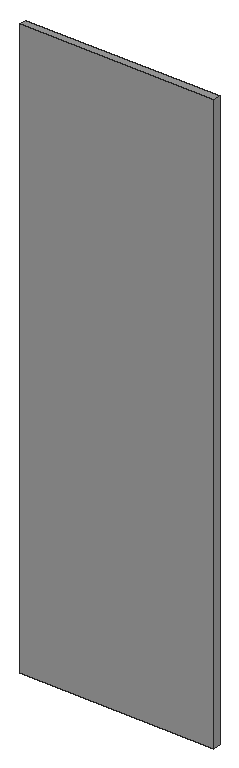
Revit family "SheathingPanel", category Structural Framing, Revit 2024
Family settings
  Structural Framing Length Roundoff = 0' - 0"
  Section Shape = Rectangle
  Material for Model Behavior = Other
  Always export as geometry = No
  Work Plane-Based = No
  Always vertical = Yes
  Cut with Voids When Loaded = No
  Symbolic Representation = From Family
  Shared = No
  Show family pre-cut in plan views = Yes
Parameters (values of type "4' x 12'")
  Weight = 0.00 lbf/ft
  Thickness [instance] = 0' - 2"
  Structural Material [instance] = Default
  Standard Width = 4' - 0"
  Standard Height = 12' - 0"
  Sheathing Width [instance] = 4' - 0"
  Sheathing Height [instance] = 12' - 0"
  Reported Length [instance] = 4' - 0"
  Minimum Width = 0' - 6"
  Minimum Height = 0' - 6"
  BIMSF_SheetWidth [instance] = Sheathing Width  # 4' - 0"
  BIMSF_SheetThickness [instance] = Thickness  # 0' - 2"
  BIMSF_SheetHeight [instance] = Sheathing Height  # 12' - 0"
  BIMSF_MassDensity = 0.62428 lb/ft³
Types (4): name | Standard Height | Sheathing Width | Sheathing Height | Reported Length | BIMSF_SheetWidth | BIMSF_SheetHeight
  4' x 8' | 8' - 0" | 1' - 11.62205" | 1' - 11.62205" | 1' - 11.62205" | 1' - 11.62205" | 1' - 11.62205"
  4' x 10' | 10' - 0" | 4' - 0" | 10' - 0" | 4' - 0" | 4' - 0" | 10' - 0"
  4' x 9' | 9' - 0" | 4' - 0" | 9' - 0" | 4' - 0" | 4' - 0" | 9' - 0"
  4' x 12' | 12' - 0" | 4' - 0" | 12' - 0" | 4' - 0" | 4' - 0" | 12' - 0"
Reference planes (in)
  plane 1 "Center (Front/Back)": y = 0
  plane 2: z = 0
  plane 3 "Center (Left/Right)": x = 0
  plane 4: y = -2
  plane 5: x = -24
  plane 6: x = 24
  plane 7: z = 144
Forms (in)
  Extrusion 1, solid, material "Default" <- "Structural Material"
    sketch origin (0, 0, 0) x (1, 0, 0) y (0, 1, 0)
      loop
        line (-24, 0) -> (-24, -2) -> (24, -2) -> (24, 0) -> (-24, 0)
    from 0 to 144
Dimensions and locks (in)
  equal spacing: plane 6, plane 3 "Center (Left/Right)", plane 5
  "Sheathing Width": plane 6 to plane 5
  "Sheathing Height": plane 7 to level
  "Thickness": plane 4 to plane 1 "Center (Front/Back)"
  "Reported Length": Extrusion 1 to Extrusion 1
  aligned and locked: plane 2 to level
  aligned and locked: Extrusion 1 to plane 1 "Center (Front/Back)"
  aligned and locked: Extrusion 1 to plane 4
  aligned and locked: Extrusion 1 to plane 5
  aligned and locked: plane 6 to Extrusion 1
  aligned and locked: plane 7 to Extrusion 1
  aligned and locked: Extrusion 1 to level
Automatic sketch dimensions
  Extrusion 1 sketch curve to plane 4 = 0' - 0"
  plane 5 to Extrusion 1 sketch curve = 0' - 0"
  Extrusion 1 sketch curve to plane 6 = 0' - 0"
  plane 1 "Center (Front/Back)" to Extrusion 1 sketch curve = 0' - 0"
